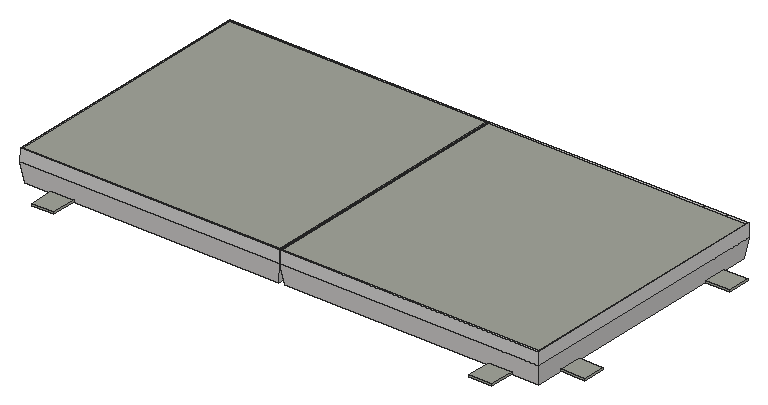
Revit family "ME_ST_WPB_Urbanfil_Tilemate_Two_part_Access_Cover_ACO", category Mechanical Equipment, Revit 2023
Family settings
  Round Connector Dimension = Use Diameter
  Part Type = Normal
  OmniClass Number = 23.35.50.27.11.11
  OmniClass Title = Access Floors, Frames
  Work Plane-Based = Yes
  Always vertical = No
  Cut with Voids When Loaded = No
  Maintain Annotation Orientation = No
  Shared = Yes
  Room Calculation Point = No
Parameters (values of type "Tilemate_TM2410B_450x1020")
  y [instance] = frame_D - 110 mm  # 1040 mm
  x [instance] = frame_dimesion_C - 110 mm  # 470 mm
  type_index = 1
  solids_visible_2 [instance] = 1 = 1  # yes
  net_mass_S_ANZRS [instance] = if(LOD400, size_lookup(lookuptable_name, "ma", 0.00 kg, type_index, material_index), 0.00 kg)  # 33.00 kg
  material_index = size_lookup(lookuptable_name, "mi", 0, type_index)  # 1
  material_C_ANZRS = Steel, Carbon
  material_02_C_ANZRS = Concrete, Grey
  material_01_C_ANZRS = Steel, Galvanised
  intended_use_C_ANZRS [instance] = if(region_index = 1, "Drainage systems", if(region_index = 2, "Entwässerungssysteme", if(region_index = 3, "Afvoersystemen", "0")))  # "Drainage systems"
  instructions_for_use = "https://www.acoaccess.com.au/products/urbanfil/?id=0#2part"
  installation_manual = "https://www.acoaccess.com.au/products/urbanfil/?id=0#2part"
  info_technical_C_ANZRS = "https://www.acoaccess.com.au/products/urbanfil/?id=0#2part"
  info_commercial_C_ANZRS = "https://www.acoaccess.com.au/products/urbanfil/?id=0#2part"
  height_C_ANZRS [instance] = size_lookup(lookuptable_name, "F", 0 mm, type_index, material_index)  # 70 mm
  height_01_C_ANZRS [instance] = size_lookup(lookuptable_name, "H", 0 mm, type_index, material_index)  # 85 mm
  frame_D [instance] = frame_dimesion_D * 2  # 1150 mm
  distance between two parts [instance] = frame_dimesion_D / 2  # 287.5 mm
  description_C_ANZRS [instance] = if(LOD400, size_lookup(lookuptable_name, "di", "0", type_index, material_index), "Generic Access Cover")  # "ACO Tilemate 2-Part 450x1020 Cover (Type TM2410B)"
  content_version_C_ANZRS = "1.0"  # constant formula
  content_date_changed_C_ANZRS = "11-07-2025"  # constant formula
  content_creator_C_ANZRS = "ACO Technology Centre, INDIA"  # constant formula
  code_specification_URL_C_ANZRS = "https://www.acoaccess.com.au/products/urbanfil/?id=0#2part"
  code_article_C_ANZRS [instance] = if(LOD400, size_lookup(lookuptable_name, "", "0", type_index, material_index), "Generic Access Cover")  # "82521"
  Universal Lifting key [instance] = yes
  URL = "https://www.acoaccess.com.au/"
  Type IFC Predefined Type = "USERDEFINED"
  frame_dimesion_D [instance] = size_lookup(lookuptable_name, "D", 0 mm, type_index, material_index)  # 575 mm
  frame_dimesion_C [instance] = size_lookup(lookuptable_name, "C", 0 mm, type_index, material_index)  # 580 mm
  product_index [instance] = size_lookup(lookuptable_name, "pi", 0, type_index, material_index)  # 1
  lookuptable_name = "urbanfil_tilemate_doublepart"  # constant formula
  clear_area_B [instance] = size_lookup(lookuptable_name, "B", 0 mm, type_index, material_index)  # 1020 mm
  Type Comments = "-"  # constant formula
  productrange = "Access Covers"  # constant formula
  region_index = 1  # constant formula
  desc_uk [instance] = if(LOD400, size_lookup(lookuptable_name, "di", "0", type_index, material_index), "Generic Access Cover")  # "ACO Tilemate 2-Part 450x1020 Cover (Type TM2410B)"
  Model = if(LOD400, "Urbanfil-Tilemate (shallow pan access covers)", "Generic Cover")  # "Urbanfil-Tilemate (shallow pan access covers)"
  Manufacturer = if(LOD400, "ACO", "Generic")  # "ACO"
  Locking key [instance] = yes
  LOD400 = yes
  LOD300 = not(LOD400)  # no
  LOD = if(LOD400, "LOD 400", "LOD 300")  # "LOD 400"
  IfcDescription = Description  # "ACO Urbanfil-Tilemate (shallow pan access covers)"
  Export Type to IFC As = "IfcBuildingElementProxy "
  Distance between two bars_C [instance] = frame_dimesion_C / 2  # 290 mm
  Distance between two bars_D [instance] = frame_dimesion_D / 2  # 287.5 mm
  Description = if(LOD400, "ACO Urbanfil-Tilemate (shallow pan access covers)", "Generic Cover")  # "ACO Urbanfil-Tilemate (shallow pan access covers)"
  Default Elevation = 0 mm
  clear_area_A [instance] = size_lookup(lookuptable_name, "A", 0 mm, type_index, material_index)  # 450 mm
  Concrete anchors distance D [instance] = frame_D + 100 mm  # 1250 mm
  Concrete anchors distance C [instance] = frame_dimesion_C + 100 mm  # 680 mm
  12mm reinforcing bars [instance] = 12 mm  # constant formula
Types (14, lengths in mm): name | y | x | type_index | net_mass_S_ANZRS | frame_D | distance between two parts | description_C_ANZRS | code_article_C_ANZRS | frame_dimesion_D | frame_dimesion_C | product_index | clear_area_B | desc_uk | Distance between two bars_C | Distance between two bars_D | clear_area_A | Concrete anchors distance D | Concrete anchors distance C
  Tilemate_TM2410B_450x1020 | 1040 | 470 | 1 | 33.00 kg | 1150 | 287.5 | "ACO Tilemate 2-Part 450x1020 Cover (Type TM2410B)" | "82521" | 575 | 580 | 1 | 1020 | "ACO Tilemate 2-Part 450x1020 Cover (Type TM2410B)" | 290 | 287.5 | 450 | 1250 | 680
  Tilemate_TM2411B_450x1170 | 1190 | 470 | 2 | 36.10 kg | 1300 | 325 | "ACO Tilemate 2-Part 450x1170 Cover (Type TM2411B)" | "82540" | 650 | 580 | 2 | 1170 | "ACO Tilemate 2-Part 450x1170 Cover (Type TM2411B)" | 290 | 325 | 450 | 1400 | 680
  Tilemate_TM2413B_450x1320 | 1340 | 470 | 3 | 39.20 kg | 1450 | 362.5 | "ACO Tilemate 2-Part 450x1320 Cover (Type TM2413B)" | "82567" | 725 | 580 | 3 | 1320 | "ACO Tilemate 2-Part 450x1320 Cover (Type TM2413B)" | 290 | 362.5 | 450 | 1550 | 680
  Tilemate_TM2610B_600x1020 | 1040 | 620 | 4 | 39.20 kg | 1150 | 287.5 | "ACO Tilemate 2-Part 600x1020 Cover (Type TM2610B)" | "82585" | 575 | 730 | 4 | 1020 | "ACO Tilemate 2-Part 600x1020 Cover (Type TM2610B)" | 365 | 287.5 | 600 | 1250 | 830
  Tilemate_TM2611B_600x1170 | 1190 | 620 | 5 | 39.90 kg | 1300 | 325 | "ACO Tilemate 2-Part 600x1170 Cover (Type TM2611B)" | "82606" | 650 | 730 | 5 | 1170 | "ACO Tilemate 2-Part 600x1170 Cover (Type TM2611B)" | 365 | 325 | 600 | 1400 | 830
  Tilemate_TM2613B_600x1320 | 1340 | 620 | 6 | 45.50 kg | 1450 | 362.5 | "ACO Tilemate 2-Part 600x1320 Cover (Type TM2613B)" | "82628" | 725 | 730 | 6 | 1320 | "ACO Tilemate 2-Part 600x1320 Cover (Type TM2613B)" | 365 | 362.5 | 600 | 1550 | 830
  Tilemate_TM2614B_600x1470 | 1490 | 620 | 7 | 49.10 kg | 1600 | 400 | "ACO Tilemate 2-Part 600x1470 Cover (Type TM2614B)" | "82640" | 800 | 730 | 7 | 1470 | "ACO Tilemate 2-Part 600x1470 Cover (Type TM2614B)" | 365 | 400 | 600 | 1700 | 830
  Tilemate_TM2616B_600x1620 | 1640 | 620 | 8 | 52.00 kg | 1750 | 437.5 | "ACO Tilemate 2-Part 600x1620 Cover (Type TM2616B)" | "82665" | 875 | 730 | 8 | 1620 | "ACO Tilemate 2-Part 600x1620 Cover (Type TM2616B)" | 365 | 437.5 | 600 | 1850 | 830
  Tilemate_TM2617B_600x1770 | 1790 | 620 | 9 | 55.60 kg | 1900 | 475 | "ACO Tilemate 2-Part 600x1770 Cover (Type TM2617B)" | "82681" | 950 | 730 | 9 | 1770 | "ACO Tilemate 2-Part 600x1770 Cover (Type TM2617B)" | 365 | 475 | 600 | 2000 | 830
  Tilemate_TM2619B_600x1920 | 1940 | 620 | 10 | 58.60 kg | 2050 | 512.5 | "ACO Tilemate 2-Part 600x1920 Cover (Type TM2619B)" | "82706" | 1025 | 730 | 10 | 1920 | "ACO Tilemate 2-Part 600x1920 Cover (Type TM2619B)" | 365 | 512.5 | 600 | 2150 | 830
  Tilemate_TM2713B_750x1320 | 1340 | 770 | 11 | 52.70 kg | 1450 | 362.5 | "ACO Tilemate 2-Part 750x1320 Cover (Type TM2713B)" | "82724" | 725 | 880 | 11 | 1320 | "ACO Tilemate 2-Part 750x1320 Cover (Type TM2713B)" | 440 | 362.5 | 750 | 1550 | 980
  Tilemate_TM2714B_750x1470 | 1490 | 770 | 12 | 56.30 kg | 1600 | 400 | "ACO Tilemate 2-Part 750x1470 Cover (Type TM2714B)" | "82745" | 800 | 880 | 12 | 1470 | "ACO Tilemate 2-Part 750x1470 Cover (Type TM2714B)" | 440 | 400 | 750 | 1700 | 980
  Tilemate_TM2716B_750x1620 | 1640 | 770 | 13 | 59.90 kg | 1750 | 437.5 | "ACO Tilemate 2-Part 750x1620 Cover (Type TM2716B)" | "82762" | 875 | 880 | 13 | 1620 | "ACO Tilemate 2-Part 750x1620 Cover (Type TM2716B)" | 440 | 437.5 | 750 | 1850 | 980
  Tilemate_TM2913B_900x1320 | 1340 | 920 | 14 | 58.70 kg | 1450 | 362.5 | "ACO Tilemate 2-Part 900x1320 Cover (Type TM2913B)" | "82783" | 725 | 1030 | 14 | 1320 | "ACO Tilemate 2-Part 900x1320 Cover (Type TM2913B)" | 515 | 362.5 | 900 | 1550 | 1130
Reference planes
  plane 1 "Center (Front/Back)": y = 0
  plane 2: z = 0
  plane 3 "Center (Left/Right)": x = 0
  plane 4 "perforated_218": z = 0
  plane 5: z = -5
  plane 6: z = -70
  plane 7: y = 225
  plane 8: y = -225
  plane 9: x = -287.5
  plane 10: x = 287.5
  plane 11: y = 290
  plane 12: y = -290
  plane 13: x = -222.5
  plane 14: x = 222.5
  plane 15: y = 585
  plane 16: y = -585
  plane 17: y = -340
  plane 18: y = 340
  plane 19: z = -50
  plane 20: z = -58.797
  plane 21: y = -145
  plane 22: y = 145
  plane 23: x = 797.5
  plane 24: y = 280
  plane 25: y = -280
Forms (mm)
  Extrusion 1, solid, material "Steel, Carbon" <- "material_C_ANZRS"
    sketch origin (0, 0, 0) x (1, 0, 0) y (0, 0, 1)
      loop
        circle (-143.75, -50) r 6
      loop
        circle (143.75, -50) r 6
    from -280 to 280
  Extrusion 2, solid, material "Steel, Carbon" <- "material_C_ANZRS"
    sketch origin (222.5, -1524, 2214.315) x (0, 0, 1) y (0, -1, 0)
      loop
        circle (-2273.112, -1379) r 6
      loop
        circle (-2273.112, -1669) r 6
    from 0 to -445
  Extrusion 3, solid, material "Steel, Carbon" <- "material_C_ANZRS"
    sketch origin (335.2, 0, 0) x (1, 0, 0) y (0, 0, 1)
      loop
        circle (96.089, -50) r 6
      loop
        circle (383.589, -50) r 6
    from -280 to 280
  Extrusion 4, solid, material "Steel, Carbon" <- "material_C_ANZRS"
    sketch origin (222.5, -1528.8, 2214.315) x (0, 0, 1) y (0, -1, 0)
      loop
        circle (-2273.112, -1383.8) r 6
      loop
        circle (-2273.112, -1673.8) r 6
    from 575 to 130.039
  Extrusion 5, solid, material "Concrete, Grey" <- "material_02_C_ANZRS"
    sketch origin (-1351.99, -1524, -70) x (-1, 0, 0) y (0, -1, 0)
      loop
        line (-1129.49, -1864) -> (-1129.49, -1804) -> (-1179.49, -1804) -> (-1179.49, -1864) -> (-1129.49, -1864)
      loop
        line (-2149.49, -1864) -> (-2099.49, -1864) -> (-2099.49, -1804) -> (-2149.49, -1804) -> (-2149.49, -1864)
      loop
        line (-1129.49, -1184) -> (-1179.49, -1184) -> (-1179.49, -1244) -> (-1129.49, -1244) -> (-1129.49, -1184)
      loop
        line (-2149.49, -1184) -> (-2149.49, -1244) -> (-2099.49, -1244) -> (-2099.49, -1184) -> (-2149.49, -1184)
      loop
        line (-1014.49, -1749) -> (-1014.49, -1699) -> (-1084.49, -1699) -> (-1084.49, -1749) -> (-1014.49, -1749)
      loop
        line (-1014.49, -1299) -> (-1084.49, -1299) -> (-1084.49, -1349) -> (-1014.49, -1349) -> (-1014.49, -1299)
      loop
        line (-2264.49, -1749) -> (-2194.49, -1749) -> (-2194.49, -1699) -> (-2264.49, -1699) -> (-2264.49, -1749)
      loop
        line (-2264.49, -1299) -> (-2264.49, -1349) -> (-2194.49, -1349) -> (-2194.49, -1299) -> (-2264.49, -1299)
    from 0.975 to 5
Dimensions and locks
  locked: level to plane 5 at 5
  "height_C_ANZRS": level to plane 6
  "height_01_C_ANZRS": level to nested 1
  equal spacing: plane 9, plane 3 "Center (Left/Right)", plane 10
  "frame_dimesion_D": plane 9 to plane 10
  equal spacing: plane 12, plane 1 "Center (Front/Back)", plane 11
  "frame_dimesion_C": plane 12 to plane 11
  equal spacing: plane 14, plane 3 "Center (Left/Right)", plane 13  (x2)
  equal spacing: plane 15, plane 1 "Center (Front/Back)", plane 16
  equal spacing: plane 18, plane 1 "Center (Front/Back)", plane 17
  "Concrete anchors distance C": plane 18 to plane 17
  locked: level to plane 19 at 50
  equal spacing: Extrusion 1 sketch curve, nested 2, Extrusion 1 sketch curve
  "Distance between two bars_D": Extrusion 1 sketch curve to Extrusion 1 sketch curve
  equal spacing: plane 21, plane 1 "Center (Front/Back)", plane 22
  "Distance between two bars_C": plane 21 to plane 22
  equal spacing: Extrusion 3 sketch curve, nested 4, Extrusion 3 sketch curve
  "Distance between two bars_D": Extrusion 3 sketch curve to Extrusion 3 sketch curve
  "distance between two parts": nested 3 to plane 10
  "frame_D": plane 9 to nested 4
  equal spacing: plane 8, plane 1 "Center (Front/Back)", plane 7
  "clear_area_A": plane 8 to plane 7
  "clear_area_B": plane 23 to plane 13
  locked: plane 9 to plane 13 at 65
  locked: nested 4 to plane 23 at 65.039
  plane 8 to plane 1 "Center (Front/Back)" to plane 22 = 225 mm, 145 mm
  locked: plane 24 to plane 11 at 10
  locked: plane 25 to plane 12 at 10
  locked: Extrusion 5 sketch curve to Extrusion 5 sketch curve at 60  (x4)
  locked: Extrusion 5 sketch curve to Extrusion 5 sketch curve at 50  (x8)
  locked: Extrusion 5 sketch curve to plane 9 at 50
  Extrusion 5 sketch curve to plane 9 = 50 mm
  locked: Extrusion 5 sketch curve to Extrusion 5 sketch curve at 70  (x4)
  "12mm reinforcing bars": diameter of Extrusion 1 sketch curve  (x2)
  "12mm reinforcing bars": diameter of Extrusion 2 sketch curve  (x2)
  "12mm reinforcing bars": diameter of Extrusion 3 sketch curve  (x2)
  "12mm reinforcing bars": diameter of Extrusion 4 sketch curve  (x2)
  aligned and locked: level to plane 2
  aligned and locked: nested 1 to plane 1 "Center (Front/Back)"
  aligned and locked: plane 3 "Center (Left/Right)" to nested 2
  aligned and locked: plane 1 "Center (Front/Back)" to nested 2
  aligned and locked: plane 19 to Extrusion 1 sketch curve  (x2)
  aligned and locked: plane 20 to Extrusion 2 sketch curve  (x2)
  aligned and locked: plane 21 to Extrusion 2 sketch curve
  aligned and locked: plane 22 to Extrusion 2 sketch curve
  aligned and locked: nested 4 to plane 10
  aligned and locked: nested 4 to nested 2
  aligned and locked: Extrusion 2 to plane 13
  aligned and locked: plane 14 to Extrusion 2
  aligned and locked: nested 4 to Extrusion 4
  aligned and locked: plane 21 to Extrusion 4 sketch curve
  aligned and locked: plane 20 to Extrusion 4 sketch curve  (x2)
  aligned and locked: plane 22 to Extrusion 4 sketch curve
  aligned and locked: plane 23 to Extrusion 4
  aligned and locked: plane 24 to Extrusion 1
  aligned and locked: Extrusion 1 to plane 25
  aligned and locked: plane 24 to Extrusion 3
  aligned and locked: Extrusion 3 to plane 25
  aligned and locked: plane 24 to Extrusion 5 sketch curve
  aligned and locked: plane 23 to Extrusion 5 sketch curve
  aligned and locked: Extrusion 5 sketch curve to plane 13
  aligned and locked: Extrusion 5 sketch curve to plane 23
  aligned and locked: plane 8 to Extrusion 5 sketch curve
  aligned and locked: plane 7 to Extrusion 5 sketch curve
  aligned and locked: Extrusion 5 sketch curve to plane 7
  aligned and locked: Extrusion 5 sketch curve to plane 8
Automatic sketch dimensions
  Extrusion 5 sketch curve to plane 13 = 0 mm
  plane 18 to Extrusion 5 sketch curve = 0 mm
  Extrusion 5 sketch curve to plane 25 = 0 mm  (x2)
  plane 23 to Extrusion 5 sketch curve = 45 mm  (x2)
  Extrusion 3 sketch curve to plane 19 = 0 mm  (x2)
Nested families
  nested 1: "ZZZ_do_not_use_ME_ST_WPB_Frame_Two part_Tilemate_access_cover_ACO" at (0, 0, -1) x (-1, 0, 0) z (0, 0, 1), solids_visible_2 <- "solids_visible_2", Width-BP-P1 <- "frame_dimesion_D", Length-BP-P1 <- "frame_dimesion_C", type_index <- "type_index", visible <- "solids_visible_2", material_01_C_ANZRS <- "material_01_C_ANZRS", type "std(nested)"
    with type_index 1, solids_visible_2 yes, material_01_C_ANZRS Steel, Galvanised, Width-BP-P1 575 mm, Length-BP-P1 580 mm, Height-BP-P1 84 mm
  nested 2: "ZZZ_do_not_use_ME_ST_WPB_Two part_Tilemate_access_cover_ACO" at (0, 0, 0), A <- "clear_area_A", D <- "frame_dimesion_D", B <- "clear_area_B", C <- "frame_dimesion_C", height_C_ANZRS <- "height_C_ANZRS", material_01_C_ANZRS <- "material_01_C_ANZRS", material_02_C_ANZRS <- "material_02_C_ANZRS", type "std(nested)"
    with material_index 1, material_02_C_ANZRS Concrete, Grey, material_01_C_ANZRS Steel, Galvanised, height_C_ANZRS 70 mm, D 575 mm, C 580 mm, B 1020 mm, A 450 mm
  nested 3: "ZZZ_do_not_use_ME_ST_WPB_Frame_Two part_Tilemate_access_cover_ACO" at (575, -4.8, -1) x (-1, 0, 0) z (0, 0, 1), solids_visible_2 <- "solids_visible_2", Width-BP-P1 <- "frame_dimesion_D", Length-BP-P1 <- "frame_dimesion_C", type_index <- "type_index", visible <- "solids_visible_2", material_01_C_ANZRS <- "material_01_C_ANZRS", type "std(nested)"
    with type_index 1, solids_visible_2 yes, material_01_C_ANZRS Steel, Galvanised, Width-BP-P1 575 mm, Length-BP-P1 580 mm, Height-BP-P1 84 mm
  nested 4: "ZZZ_do_not_use_ME_ST_WPB_Two part_Tilemate_access_cover_ACO" at (575.039, 0, 0), A <- "clear_area_A", D <- "frame_dimesion_D", B <- "clear_area_B", C <- "frame_dimesion_C", height_C_ANZRS <- "height_C_ANZRS", material_01_C_ANZRS <- "material_01_C_ANZRS", material_02_C_ANZRS <- "material_02_C_ANZRS", type "std(nested)"
    with material_index 1, material_02_C_ANZRS Concrete, Grey, material_01_C_ANZRS Steel, Galvanised, height_C_ANZRS 70 mm, D 575 mm, C 580 mm, B 1020 mm, A 450 mm
  nested 5: "Universal_lifting_key_ACO" at (25, 10, -27.5), visible <- "Universal Lifting key", universal lifting key <- "Universal Lifting key", type "Universal_lifting_key_ACO"
    with universal lifting key yes, description_C_ANZRS "ACO Universal lifting key", content_date_changed_C_ANZRS "11-07-2025", content_creator_C_ANZRS "ACO Technology Centre, INDIA", code_article_C_ANZRS "84306", Product range "Acccess covers"
  nested 6: "Urbanfil_Pavermate_locking_key_ACO" at (527.5, -5, -35), visible <- "Locking key", locking key <- "Locking key", type "Urbanfil_Pavermate_locking_key_ACO"
    with locking key yes, description_C_ANZRS "ACO allen locking key", content_date_changed_C_ANZRS "11-07-2025", content_creator_C_ANZRS "ACO Technology Centre, INDIA", code_article_C_ANZRS "84313", Product range "Acccess covers"
Definition of nested family "ZZZ_do_not_use_ME_ST_WPB_Frame_Two part_Tilemate_access_cover_ACO"
  Parameters (values of type "std(nested)")
    type_index [instance] = 2
    ref2 = 55 mm
    ref1 = 2 mm
    ref = 65 mm
    material_01_C_ANZRS [instance] = none
    Width-BP-P1 [instance] = 800 mm
    solids_visible_2 [instance] = yes
    Length-BP-P1 [instance] = 500 mm
    Height-BP-P1 [instance] = 84 mm  # constant formula
    Default Elevation = 1219.2 mm
  Reference planes
    plane 1 "Center (Front/Back)": y = 0
    plane 2: z = 0
    plane 3 "Center (Left/Right)": x = 0
    plane 4: y = 250
    plane 5: y = -250
    plane 6: x = -400
    plane 7: x = 400
    plane 8: z = -65
    plane 9: z = -84
  Forms (mm)
    Sweep 1, solid, material <- "material_01_C_ANZRS", visible <- "solids_visible_2"
      path origin (0, 0, 0) x (1, 0, 0) y (0, 1, 0)
        loop
          line (-400, 250) -> (-400, -250) -> (400, -250) -> (400, 250) -> (-400, 250)
      profile origin (0, 250, 0) x (0, 1, 0) y (0, 0, 1)
        loop
          line (-55, -65) -> (-68, -65) -> (-75.356, -82.5) -> (-121.395, -82.5) -> (-121.395, -84) -> (-74.36, -84) -> (-67.214, -67) -> (-55, -67) -> (-55, -65)
    Extrusion 2, solid, material <- "material_01_C_ANZRS", visible <- "solids_visible_2"
      sketch origin (0, 0, 0) x (1, 0, 0) y (0, 1, 0)
        loop
          line (-278.605, 128.605) -> (-278.605, -128.605) -> (278.605, -128.605) -> (278.605, 128.605) -> (-278.605, 128.605)
      from -84 to -82.5
  Cuts and joins
    joined: Sweep 1, Extrusion 2
  Dimensions and locks
    equal spacing: plane 6, plane 3 "Center (Left/Right)", plane 7
    "Width-BP-P1": plane 6 to plane 7
    equal spacing: plane 4, plane 1 "Center (Front/Back)", plane 5
    "Length-BP-P1": plane 4 to plane 5
    "ref": level to plane 8
    "Height-BP-P1": plane 2 to plane 9
    locked: Sweep 1 sketch curve to plane 9 at 1.5
    "ref2": profile plane to Sweep 1 sketch curve
    locked: plane 4 to Sweep 1 sketch curve at 68
    locked: Sweep 1 sketch curve to Sweep 1 sketch curve at 1.5
    "ref1": Sweep 1 sketch curve to Sweep 1 sketch curve
    locked: Sweep 1 sketch curve to Sweep 1 sketch curve (angle 67.20°)
    locked: Sweep 1 sketch curve to Sweep 1 sketch curve (angle 90.00°)
    aligned and locked: level to plane 2
    aligned and locked: Sweep 1 sketch curve to plane 4
    aligned and locked: plane 6 to Sweep 1 sketch curve
    aligned and locked: plane 5 to Sweep 1 sketch curve
    aligned and locked: Sweep 1 sketch curve to plane 7
    aligned and locked: plane 9 to Sweep 1 sketch curve
    aligned and locked: Sweep 1 sketch curve to plane 8
    aligned and locked: Extrusion 2 sketch curve to Sweep 1  (x4)
    aligned and locked: Sweep 1 to Extrusion 2  (x2)
  Automatic sketch dimensions
    Sweep 1 sketch curve to Sweep 1 sketch curve = 46.038 mm
Definition of nested family "ZZZ_do_not_use_ME_ST_WPB_Two part_Tilemate_access_cover_ACO"
  Parameters (values of type "std(nested)")
    material_index [instance] = 1  # constant formula
    material_02_C_ANZRS [instance] = none
    material_01_C_ANZRS [instance] = none
    height_C_ANZRS [instance] = 82.5 mm
    D [instance] = 1500 mm
    C [instance] = 1110 mm
    B [instance] = 1000 mm
    Type Comments = "-"  # constant formula
    productrange = "Access Covers"  # constant formula
    region_index = 1  # constant formula
    Model = if(LOD400, "Access Covers SOLID GS", "Generic Covers")  # "Access Covers SOLID GS"
    Manufacturer = if(LOD400, "ACO", "Generic")  # "ACO"
    LOD400 = yes
    LOD300 = not(LOD400)  # no
    LOD = if(LOD400, "LOD 400", "LOD 300")  # "LOD 400"
    IfcExportType = "USERDEFINED"  # constant formula
    IfcExportAs = "IfcWasteTerminalType"  # constant formula
    IfcDescription = Description  # "ACO Access Cover SOLID GS"
    Description = if(LOD400, "ACO Access Cover SOLID GS", "Generic Cover")  # "ACO Access Cover SOLID GS"
    Default Elevation = 0 mm
    A [instance] = 1350 mm
  Reference planes
    plane 1 "Center (Front/Back)": y = 0
    plane 2: z = 0
    plane 3 "Center (Left/Right)": x = 0
    plane 4 "perforated_218": z = 0
    plane 5: z = -5
    plane 6: z = -82.5
    plane 7: x = -750
    plane 8: x = 750
    plane 9: y = 555
    plane 10: y = -555
    plane 11: y = -150
    plane 12: y = 150
    plane 13: y = 500
    plane 14: z = -70
    plane 15: x = 675
    plane 16: x = -675
    plane 17: y = 500
    plane 18: y = -500
    plane 19: x = -722
    plane 20: x = 722
    plane 21: y = -531
    plane 22: y = 531
    plane 23: x = -747.961
  Forms (mm)
    Sweep 1, solid, material <- "material_01_C_ANZRS"
      path origin (0, 0, 0) x (1, 0, 0) y (0, 1, 0)
        loop
          line (-750, 555) -> (-750, -555) -> (750, -555) -> (750, 555) -> (-750, 555)
      profile origin (0, 555, 0) x (0, 1, 0) y (0, 0, 1)
        loop
          line (-0.039, -40.777) -> (-0.039, 0) -> (-2.039, 0) -> (-2.039, -40.637) -> (-7.641, -80.5) -> (-50.188, -80.5) -> (-55, -80.5) -> (-55, -82.5) -> (-47.738, -82.5) -> (-31.451, -82.5) -> (-5.903, -82.5) -> (-0.039, -40.777)
    Extrusion 2, solid, material <- "material_02_C_ANZRS"
      sketch origin (0, 0, 0) x (1, 0, 0) y (0, 1, 0)
        loop
          line (-747.961, 552.961) -> (-747.961, -552.961) -> (747.961, -552.961) -> (747.961, 552.961) -> (-747.961, 552.961)
      from -5 to 0
  Lines and regions (mm)
    model lines
      curve 1: line (-747.961, 552.961, 0) -> (-685, 552.961, 0)
      curve 2: line (-747.961, 497.961, 0) -> (-747.961, 552.961, 0)
      curve 3: line (-685, 497.961, 0) -> (-747.961, 497.961, 0)
      curve 4: line (-685, 552.961, 0) -> (-685, 497.961, 0)
      curve 5: circle (-722, 531, 0) r 12 normal (0, 0, 1)
      curve 6: line (685, 552.961, 0) -> (747.961, 552.961, 0)
      curve 7: line (685, 497.961, 0) -> (685, 552.961, 0)
      curve 8: line (747.961, 497.961, 0) -> (685, 497.961, 0)
      curve 9: line (747.961, 552.961, 0) -> (747.961, 497.961, 0)
      curve 10: circle (722, 531, 0) r 12 normal (0, 0, 1)
      curve 11: line (-747.961, -500, 0) -> (-685, -500, 0)
      curve 12: line (-747.961, -552.961, 0) -> (-747.961, -500, 0)
      curve 13: line (-685, -552.961, 0) -> (-747.961, -552.961, 0)
      curve 14: line (-685, -500, 0) -> (-685, -552.961, 0)
      curve 15: circle (-722, -531, 0) r 12 normal (0, 0, 1)
      curve 16: line (685, -500, 0) -> (747.961, -500, 0)
      curve 17: line (685, -552.961, 0) -> (685, -500, 0)
      curve 18: line (747.961, -552.961, 0) -> (685, -552.961, 0)
      curve 19: line (747.961, -500, 0) -> (747.961, -552.961, 0)
      curve 20: circle (722, -531, 0) r 12 normal (0, 0, 1)
  Dimensions and locks
    locked: level to plane 5 at 5
    "height_C_ANZRS": level to plane 6
    equal spacing: plane 7, plane 3 "Center (Left/Right)", plane 8
    equal spacing: plane 10, plane 1 "Center (Front/Back)", plane 9
    "C": plane 10 to plane 9
    "D": plane 7 to plane 8
    locked: Sweep 1 sketch curve to Sweep 1 sketch curve at 2
    locked: plane 9 to plane 13 at 55
    equal spacing: plane 16, plane 3 "Center (Left/Right)", plane 15
    "A": plane 16 to plane 15
    equal spacing: plane 18, plane 1 "Center (Front/Back)", plane 17
    "B": plane 18 to plane 17
    locked: profile plane to plane 6 at 82.5
    locked: Sweep 1 to plane 9 at 2.039
    locked: plane 10 to Sweep 1 at 2.039  (x2)
    locked: Extrusion 2 sketch curve to plane 8 at 2.039
    locked: plane 7 to plane 19 at 28
    locked: plane 20 to plane 8 at 28
    locked: plane 10 to plane 21 at 24
    locked: plane 22 to plane 9 at 24
    locked: plane 7 to plane 23 at 2.039
    locked: Sweep 1 sketch curve to plane 6 at 2
    locked: Sweep 1 sketch curve to Sweep 1 sketch curve at 2.005
    Sweep 1 sketch curve to Sweep 1 sketch curve = 2.005 mm
    locked: Sweep 1 sketch curve to Sweep 1 sketch curve at 2.65
    locked: curve 3 to curve 1 at 55
    locked: plane 10 to curve 11 at 55
    locked: curve 8 to curve 6 at 55
    locked: plane 7 to curve 4 at 65
    locked: plane 7 to curve 14 at 65
    plane 10 to curve 16 = 55 mm
    locked: curve 17 to plane 8 at 65
    locked: curve 7 to plane 8 at 65
    aligned and locked: level to plane 2
    aligned and locked: plane 9 to Sweep 1 sketch curve
    aligned and locked: plane 7 to Sweep 1 sketch curve
    aligned and locked: Sweep 1 sketch curve to plane 10
    aligned and locked: Sweep 1 sketch curve to plane 8
    aligned and locked: Extrusion 2 to plane 5
    aligned and locked: level to Extrusion 2
    aligned and locked: Sweep 1 sketch curve to profile plane
    aligned and locked: curve 1 to Sweep 1
    aligned and locked: Sweep 1 to curve 2
    aligned and locked: plane 19 to curve 5
    aligned and locked: plane 22 to curve 5
    aligned and locked: Sweep 1 to curve 6
    aligned and locked: plane 20 to curve 10
    aligned and locked: plane 22 to curve 10
    aligned and locked: Sweep 1 to curve 13
    aligned and locked: plane 19 to curve 15
    aligned and locked: plane 21 to curve 15
    aligned and locked: Sweep 1 to curve 18
    aligned and locked: plane 20 to curve 20
    aligned and locked: plane 21 to curve 20
    aligned and locked: Sweep 1 to Extrusion 2 sketch curve
    aligned and locked: Extrusion 2 sketch curve to Sweep 1  (x2)
    aligned and locked: Sweep 1 sketch curve to plane 13
    aligned and locked: Sweep 1 sketch curve to plane 6
    aligned and locked: curve 19 to Extrusion 2
  Automatic sketch dimensions
    plane 13 to Sweep 1 sketch curve = 4.812 mm
    Sweep 1 sketch curve to Sweep 1 sketch curve = 2.451 mm
    Sweep 1 sketch curve to Sweep 1 sketch curve = 16.286 mm
    profile plane to Sweep 1 sketch curve = 7.641 mm
    profile plane to Sweep 1 sketch curve = 2.039 mm
    Sweep 1 sketch curve to Sweep 1 sketch curve = 39.863 mm
    plane 7 to curve 13 = 2.039 mm
    curve 8 to plane 8 = 2.039 mm
    radius of curve 5 = 12 mm
    radius of curve 10 = 12 mm
    radius of curve 15 = 12 mm
    radius of curve 20 = 12 mm
Definition of nested family "Universal_lifting_key_ACO"
  Parameters (values of type "Universal_lifting_key_ACO")
    universal lifting key [instance] = yes
    description_C_ANZRS [instance] = "ACO Universal lifting key"  # constant formula
    content_date_changed_C_ANZRS [instance] = "11-07-2025"  # constant formula
    content_creator_C_ANZRS [instance] = "ACO Technology Centre, INDIA"  # constant formula
    code_article_C_ANZRS [instance] = "84306"  # constant formula
    URL = "https://www.acoaccess.com.au/"
    Product range [instance] = "Acccess covers"  # constant formula
    Model = "Universal lifting key"  # constant formula
    Manufacturer = "ACO"  # constant formula
    Description = "Universal lifting key"  # constant formula
    Default Elevation = 0 mm
  Reference planes
    plane 1 "Center (Front/Back)": y = 0
    plane 2: z = 0
    plane 3 "Center (Left/Right)": x = 0
  Lines and regions (mm)
    model lines, visible <- "universal lifting key"
      curve 1: line (-18.296, 15, 0) -> (20.006, -17.139, 0)
      curve 2: line (-21.257, -16.749, 0) -> (17.6, 14.717, 0)
  Dimensions and locks
    locked: curve 2 to curve 2 at 50
    locked: curve 1 to curve 1 at 50
    aligned and locked: level to plane 2
Definition of nested family "Urbanfil_Pavermate_locking_key_ACO"
  Parameters (values of type "Urbanfil_Pavermate_locking_key_ACO")
    locking key [instance] = yes
    description_C_ANZRS [instance] = "ACO allen locking key"  # constant formula
    content_date_changed_C_ANZRS [instance] = "11-07-2025"  # constant formula
    content_creator_C_ANZRS [instance] = "ACO Technology Centre, INDIA"  # constant formula
    code_article_C_ANZRS [instance] = "84313"  # constant formula
    URL = "https://www.acoaccess.com.au/"
    Product range [instance] = "Acccess covers"  # constant formula
    Model = "allen locking key"  # constant formula
    Manufacturer = "ACO"  # constant formula
    Description = "allen locking key"  # constant formula
    Default Elevation = 0 mm
  Reference planes
    plane 1 "Center (Front/Back)": y = 0
    plane 2: z = 0
    plane 3 "Center (Left/Right)": x = 0
  Lines and regions (mm)
    model lines, visible <- "locking key"
      curve 1: line (-18.296, 15, 0) -> (20.006, -17.139, 0)
      curve 2: line (-21.257, -16.749, 0) -> (17.6, 14.717, 0)
  Dimensions and locks
    locked: curve 2 to curve 2 at 50
    locked: curve 1 to curve 1 at 50
    aligned and locked: level to plane 2
